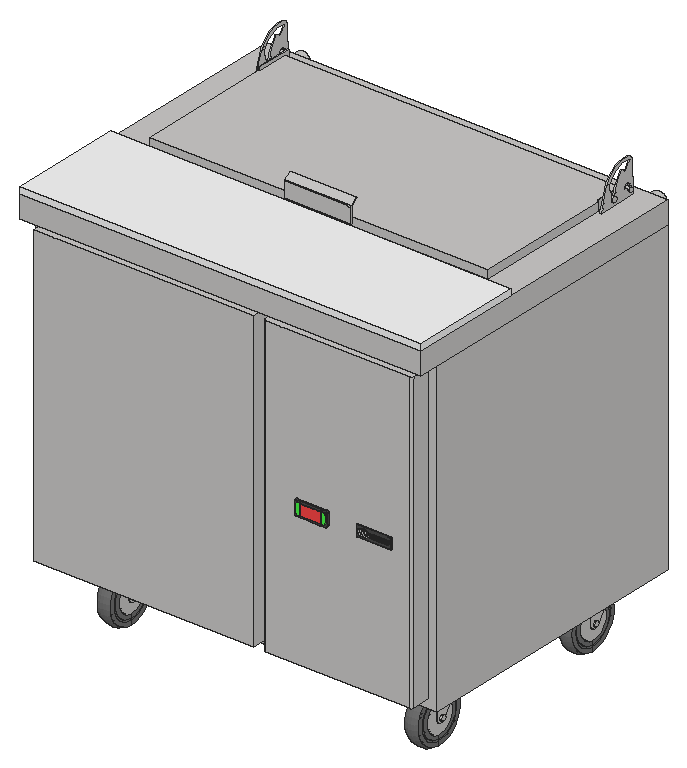
Revit family "QF_MACOM_RPTx-AITS", category Equipamento especial, Revit 2020 (continued)
Automatic sketch dimensions
  curve 22 to curve 34 = 5 mm
  curve 19 to curve 32 = 5 mm
  curve 29 to curve 31 = 5 mm
  curve 25 to curve 28 = 5 mm
  curve 33 to curve 34 = 5 mm
  curve 35 to curve 45 = 0 mm
  curve 34 to curve 47 = 0 mm
  curve 31 to curve 43 = 0 mm
  curve 30 to curve 42 = 0 mm
  curve 27 to curve 37 = 0 mm
  curve 26 to curve 39 = 0 mm
  curve 26 to curve 37 = 5 mm
  curve 35 to curve 48 = 5 mm
  curve 30 to curve 41 = 5 mm
  curve 41 to curve 43 = 5 mm
  curve 37 to curve 40 = 5 mm
  curve 45 to curve 46 = 5 mm
  curve 57 to Extrusion 2 = 28 mm
  curve 59 to curve 69 = 0 mm
  curve 71 to curve 81 = 0 mm  (x2)
  curve 83 to curve 93 = 0 mm  (x2)
  curve 95 to curve 95 = 80 mm
  curve 57 to curve 93 = 0 mm
  curve 70 to curve 68 = 15 mm
  curve 67 to curve 77 = 0 mm  (x2)
  curve 79 to curve 89 = 0 mm
  curve 56 to curve 65 = 0 mm
  curve 79 to curve 79 = 80 mm
  curve 53 to curve 77 = 0 mm
  curve 78 to curve 91 = 0 mm
  curve 66 to curve 64 = 15 mm
  curve 90 to curve 88 = 15 mm
  curve 52 to curve 61 = 0 mm
  curve 63 to curve 73 = 0 mm  (x2)
  Extrusion 2 to curve 75 = 30 mm
  curve 74 to curve 85 = 0 mm
  curve 51 to curve 61 = 0 mm
  curve 38 to curve 49 = 175 mm
  curve 47 to curve 60 = 175 mm
  curve 53 to curve 49 = 0 mm
  curve 53 to curve 55 = 5 mm
  curve 49 to curve 52 = 5 mm
  curve 57 to curve 58 = 5 mm
  curve 50 to curve 61 = 5 mm
  curve 59 to curve 72 = 5 mm
  curve 54 to curve 65 = 5 mm
  curve 65 to curve 67 = 5 mm
  curve 61 to curve 64 = 5 mm
  curve 69 to curve 70 = 5 mm
  curve 62 to curve 73 = 5 mm
  curve 71 to curve 84 = 5 mm
  curve 66 to curve 77 = 5 mm
  curve 77 to curve 79 = 5 mm
  curve 73 to curve 76 = 5 mm
  curve 81 to curve 82 = 5 mm
  curve 74 to curve 85 = 5 mm
  curve 83 to curve 96 = 5 mm
  curve 78 to curve 89 = 5 mm
  curve 89 to curve 91 = 5 mm
  curve 85 to curve 88 = 5 mm
  curve 93 to curve 94 = 5 mm
  curve 105 to Extrusion 2 = 28 mm
  curve 107 to curve 117 = 0 mm  (x2)
  curve 119 to curve 129 = 0 mm  (x2)
  curve 131 to curve 141 = 0 mm  (x2)
  curve 143 to curve 57 = 0 mm
  curve 140 to curve 53 = 0 mm
  curve 128 to curve 137 = 0 mm
  curve 116 to curve 125 = 0 mm
  curve 104 to curve 113 = 0 mm
  curve 139 to curve 53 = 0 mm
  curve 127 to curve 137 = 0 mm
  curve 115 to curve 125 = 0 mm
  curve 103 to curve 113 = 0 mm
  curve 101 to curve 97 = 15 mm
  curve 136 to curve 49 = 0 mm
  curve 99 to curve 109 = 0 mm  (x2)
  curve 124 to curve 133 = 0 mm
  curve 121 to curve 49 = 0 mm
  curve 111 to curve 121 = 0 mm
  curve 122 to curve 133 = 0 mm
  curve 97 to curve 49 = 40 mm
  curve 101 to curve 97 = 0 mm
  curve 105 to curve 101 = 0 mm
  curve 97 to curve 100 = 5 mm
  curve 101 to curve 103 = 5 mm
  curve 105 to curve 106 = 5 mm
  curve 107 to curve 117 = 5 mm
  curve 98 to curve 109 = 5 mm
  curve 103 to curve 116 = 5 mm
  curve 113 to curve 115 = 5 mm
  curve 109 to curve 110 = 5 mm
  curve 117 to curve 118 = 5 mm
  curve 115 to curve 128 = 5 mm
  curve 118 to curve 129 = 5 mm
  curve 111 to curve 121 = 5 mm
  curve 129 to curve 132 = 5 mm
  curve 121 to curve 122 = 5 mm
  curve 125 to curve 126 = 5 mm
  curve 122 to curve 133 = 5 mm
  curve 126 to curve 138 = 5 mm
  curve 130 to curve 142 = 5 mm
  curve 140 to curve 53 = 5 mm
  curve 142 to curve 57 = 5 mm
  curve 134 to curve 49 = 5 mm
  curve 153 to Extrusion 2 = 28 mm
  curve 155 to curve 165 = 0 mm  (x2)
  curve 167 to curve 177 = 0 mm  (x2)
  curve 179 to curve 189 = 0 mm  (x2)
  curve 191 to curve 105 = 0 mm
  curve 153 to curve 149 = 15 mm
  curve 151 to curve 161 = 0 mm  (x2)
  curve 163 to curve 173 = 0 mm
  curve 175 to curve 185 = 0 mm
  curve 162 to curve 101 = 0 mm
  curve 187 to curve 101 = 0 mm
  curve 162 to curve 173 = 0 mm
  curve 172 to curve 97 = 0 mm
  curve 171 to curve 181 = 0 mm
  curve 149 to curve 145 = 15 mm
  curve 147 to curve 157 = 0 mm  (x2)
  curve 159 to curve 97 = 0 mm
  curve 158 to curve 169 = 0 mm
  curve 170 to curve 181 = 0 mm
  curve 145 to curve 97 = 40 mm
  curve 154 to curve 105 = 40 mm
  curve 152 to curve 153 = 0 mm
  curve 149 to curve 151 = 5 mm
  curve 145 to curve 148 = 5 mm
  curve 153 to curve 154 = 5 mm
  curve 146 to curve 157 = 5 mm
  curve 154 to curve 166 = 5 mm
  curve 151 to curve 164 = 5 mm
  curve 161 to curve 163 = 5 mm
  curve 157 to curve 160 = 5 mm
  curve 165 to curve 166 = 5 mm
  curve 158 to curve 169 = 5 mm
  curve 166 to curve 178 = 5 mm
  curve 163 to curve 176 = 5 mm
  curve 173 to curve 175 = 5 mm
  curve 169 to curve 172 = 5 mm
  curve 177 to curve 178 = 5 mm
  curve 170 to curve 181 = 5 mm
  curve 178 to curve 190 = 5 mm
  curve 175 to curve 188 = 5 mm
  curve 187 to curve 101 = 5 mm
  curve 184 to curve 97 = 5 mm
  curve 190 to curve 105 = 5 mm
  curve 201 to Extrusion 2 = 28 mm
  curve 203 to curve 213 = 0 mm  (x2)
  curve 215 to curve 225 = 0 mm  (x2)
  curve 227 to curve 237 = 0 mm  (x2)
  curve 239 to curve 153 = 0 mm
  curve 201 to curve 197 = 15 mm
  curve 199 to curve 209 = 0 mm
  curve 211 to curve 221 = 0 mm
  curve 223 to curve 233 = 0 mm  (x2)
  curve 199 to curve 149 = 0 mm
  curve 235 to curve 149 = 0 mm
  curve 198 to curve 209 = 0 mm
  curve 221 to curve 220 = 15 mm
  curve 219 to curve 229 = 0 mm
  curve 208 to curve 217 = 0 mm
  curve 193 to curve 205 = 0 mm
  Extrusion 2 to curve 195 = 30 mm
  curve 194 to curve 205 = 0 mm
  curve 206 to curve 217 = 0 mm
  curve 218 to curve 229 = 0 mm
  curve 193 to curve 145 = 40 mm
  curve 202 to curve 153 = 40 mm
  curve 200 to curve 201 = 0 mm
  curve 197 to curve 199 = 5 mm
  curve 193 to curve 196 = 5 mm
  curve 201 to curve 202 = 5 mm
  curve 194 to curve 205 = 5 mm
  curve 202 to curve 214 = 5 mm
  curve 199 to curve 212 = 5 mm
  curve 209 to curve 211 = 5 mm
  curve 205 to curve 208 = 5 mm
  curve 213 to curve 214 = 5 mm
  curve 206 to curve 217 = 5 mm
  curve 214 to curve 226 = 5 mm
  curve 211 to curve 224 = 5 mm
  curve 221 to curve 223 = 5 mm
  curve 217 to curve 220 = 5 mm
  curve 225 to curve 226 = 5 mm
  curve 218 to curve 229 = 5 mm
  curve 226 to curve 238 = 5 mm
  curve 223 to curve 236 = 5 mm
  curve 235 to curve 149 = 5 mm
  curve 232 to curve 145 = 5 mm
  curve 238 to curve 153 = 5 mm
  curve 249 to curve 201 = 0 mm
  curve 251 to curve 261 = 0 mm  (x2)
  curve 263 to curve 201 = 0 mm
  curve 260 to curve 197 = 0 mm
  curve 248 to curve 257 = 0 mm
  curve 259 to curve 197 = 0 mm
  curve 247 to curve 257 = 0 mm
  curve 256 to curve 193 = 0 mm
  curve 244 to curve 253 = 0 mm
  curve 241 to curve 193 = 0 mm
  curve 242 to curve 253 = 0 mm
  curve 241 to curve 193 = 20 mm
  curve 245 to curve 241 = 0 mm
  curve 249 to curve 245 = 0 mm
  curve 249 to curve 252 = 5 mm
  curve 245 to curve 247 = 5 mm
  curve 241 to curve 242 = 5 mm
  curve 242 to curve 253 = 5 mm
  curve 250 to curve 262 = 5 mm
  curve 246 to curve 258 = 5 mm
  curve 260 to curve 197 = 5 mm
  curve 262 to curve 201 = 5 mm
  curve 254 to curve 193 = 5 mm
  curve 47 to curve 273 = 0 mm
  curve 275 to curve 285 = 0 mm  (x2)
  curve 287 to curve 249 = 0 mm
  curve 284 to curve 245 = 0 mm
  curve 272 to curve 281 = 0 mm
  curve 42 to curve 269 = 0 mm
  curve 270 to curve 281 = 0 mm
  curve 280 to curve 241 = 0 mm
  curve 268 to curve 277 = 0 mm
  curve 38 to curve 265 = 0 mm
  curve 266 to curve 277 = 0 mm
  curve 39 to curve 265 = 15 mm
  curve 269 to curve 265 = 0 mm
  curve 273 to curve 269 = 0 mm
  curve 273 to curve 276 = 5 mm
  curve 269 to curve 271 = 5 mm
  curve 265 to curve 266 = 5 mm
  curve 266 to curve 277 = 5 mm
  curve 274 to curve 286 = 5 mm
  curve 270 to curve 282 = 5 mm
  curve 284 to curve 245 = 5 mm
  curve 286 to curve 249 = 5 mm
  curve 278 to curve 241 = 5 mm
  curve 47 to curve 300 = 0 mm
  curve 46 to curve 297 = 0 mm
  curve 43 to curve 293 = 0 mm
  curve 295 to curve 269 = 0 mm
  curve 39 to curve 289 = 0 mm
  curve 38 to curve 289 = 0 mm
  curve 47 to curve 300 = 5 mm
  curve 39 to curve 289 = 5 mm
  curve 42 to curve 293 = 5 mm
  curve 294 to curve 269 = 5 mm
  curve 292 to curve 265 = 5 mm
  curve 298 to curve 273 = 5 mm
  curve 309 to Extrusion 2 = 28 mm
  curve 311 to curve 311 = 80 mm
  curve 309 to curve 305 = 15 mm
  curve 307 to curve 307 = 80 mm
  curve 305 to curve 301 = 15 mm
  Extrusion 2 to curve 301 = 30 mm
  Extrusion 2 to curve 301 = 59 mm
  Extrusion 2 to curve 310 = 59 mm
  curve 308 to curve 309 = 0 mm
  curve 305 to curve 307 = 5 mm
  curve 301 to curve 304 = 5 mm
  curve 309 to curve 310 = 5 mm
  curve 324 to curve 309 = 0 mm
  curve 321 to curve 309 = 0 mm
  curve 317 to curve 305 = 0 mm
  curve 319 to curve 305 = 0 mm
  curve 313 to curve 301 = 0 mm  (x2)
  curve 313 to curve 301 = 10 mm
  curve 324 to curve 309 = 10 mm
  curve 317 to curve 305 = 10 mm
  curve 319 to curve 305 = 5 mm
  curve 322 to curve 309 = 5 mm
  curve 316 to curve 301 = 5 mm
  curve 333 to curve 321 = 0 mm
  curve 335 to curve 321 = 0 mm
  curve 329 to curve 317 = 0 mm
  curve 331 to curve 317 = 0 mm
  curve 325 to curve 313 = 0 mm  (x2)
  curve 325 to curve 313 = 10 mm
  curve 336 to curve 321 = 10 mm
  curve 329 to curve 317 = 10 mm
  curve 331 to curve 317 = 5 mm
  curve 334 to curve 321 = 5 mm
  curve 328 to curve 313 = 5 mm
  curve 348 to curve 333 = 0 mm
  curve 345 to curve 333 = 0 mm
  curve 341 to curve 329 = 0 mm
  curve 343 to curve 329 = 0 mm
  curve 337 to curve 325 = 0 mm  (x2)
  curve 348 to curve 333 = 10 mm
  curve 337 to curve 325 = 10 mm
  curve 341 to curve 329 = 10 mm
  curve 342 to curve 329 = 5 mm
  curve 340 to curve 325 = 5 mm
  curve 346 to curve 333 = 5 mm
  curve 357 to curve 345 = 0 mm
  curve 359 to curve 345 = 0 mm
  curve 356 to curve 341 = 0 mm
  curve 353 to curve 341 = 0 mm
  curve 352 to curve 337 = 0 mm
  curve 349 to curve 337 = 0 mm
  curve 360 to curve 345 = 10 mm
  curve 349 to curve 337 = 10 mm
  curve 353 to curve 341 = 10 mm
  curve 354 to curve 341 = 5 mm
  curve 352 to curve 337 = 5 mm
  curve 358 to curve 345 = 5 mm
  curve 372 to curve 357 = 0 mm
  curve 369 to curve 357 = 0 mm
  curve 365 to curve 353 = 0 mm
  curve 367 to curve 353 = 0 mm
  curve 361 to curve 349 = 0 mm  (x2)
  curve 372 to curve 357 = 10 mm
  curve 361 to curve 349 = 10 mm
  curve 365 to curve 353 = 10 mm
  curve 366 to curve 353 = 5 mm
  curve 364 to curve 349 = 5 mm
  curve 370 to curve 357 = 5 mm
  curve 381 to curve 369 = 0 mm
  curve 383 to curve 369 = 0 mm
  curve 377 to curve 365 = 0 mm
  curve 379 to curve 365 = 0 mm
  curve 373 to curve 361 = 0 mm  (x2)
  curve 384 to curve 369 = 10 mm
  curve 373 to curve 361 = 10 mm
  curve 377 to curve 365 = 10 mm
  curve 379 to curve 365 = 5 mm
  curve 376 to curve 361 = 5 mm
  curve 382 to curve 369 = 5 mm
  curve 396 to curve 381 = 0 mm
  curve 393 to curve 381 = 0 mm
  curve 389 to curve 377 = 0 mm
  curve 391 to curve 377 = 0 mm
  curve 385 to curve 373 = 0 mm  (x2)
  curve 396 to curve 381 = 10 mm
  curve 385 to curve 373 = 10 mm
  curve 389 to curve 377 = 10 mm
  curve 390 to curve 377 = 5 mm
  curve 388 to curve 373 = 5 mm
  curve 394 to curve 381 = 5 mm
  curve 405 to curve 393 = 0 mm
  curve 407 to curve 393 = 0 mm
  curve 404 to curve 389 = 0 mm
  curve 403 to curve 389 = 0 mm
  curve 400 to curve 385 = 0 mm
  curve 397 to curve 385 = 0 mm
  curve 408 to curve 393 = 10 mm
  curve 397 to curve 385 = 10 mm
  curve 401 to curve 389 = 10 mm
  curve 402 to curve 389 = 5 mm
  curve 400 to curve 385 = 5 mm
  curve 406 to curve 393 = 5 mm
  curve 420 to curve 405 = 0 mm
  curve 417 to curve 405 = 0 mm
  curve 413 to curve 401 = 0 mm
  curve 415 to curve 401 = 0 mm
  curve 409 to curve 397 = 0 mm  (x2)
  curve 420 to curve 405 = 10 mm
  curve 409 to curve 397 = 10 mm
  curve 413 to curve 401 = 10 mm
  curve 414 to curve 401 = 5 mm
  curve 412 to curve 397 = 5 mm
  curve 418 to curve 405 = 5 mm
  curve 429 to curve 417 = 0 mm
  curve 431 to curve 417 = 0 mm
  curve 428 to curve 413 = 0 mm
  curve 427 to curve 413 = 0 mm
  curve 421 to curve 409 = 0 mm  (x2)
  curve 432 to curve 417 = 10 mm
  curve 421 to curve 409 = 10 mm
  curve 425 to curve 413 = 10 mm
  curve 426 to curve 413 = 5 mm
  curve 424 to curve 409 = 5 mm
  curve 430 to curve 417 = 5 mm
  curve 444 to curve 429 = 0 mm
  curve 441 to curve 429 = 0 mm
  curve 437 to curve 425 = 0 mm
  curve 439 to curve 425 = 0 mm
  curve 433 to curve 421 = 0 mm  (x2)
  curve 444 to curve 429 = 10 mm
  curve 433 to curve 421 = 10 mm
  curve 437 to curve 425 = 10 mm
  curve 438 to curve 425 = 5 mm
  curve 436 to curve 421 = 5 mm
  curve 442 to curve 429 = 5 mm
  curve 453 to curve 441 = 0 mm
  curve 455 to curve 441 = 0 mm
  curve 449 to curve 437 = 0 mm
  curve 451 to curve 437 = 0 mm
  curve 445 to curve 433 = 0 mm  (x2)
  curve 456 to curve 441 = 10 mm
  curve 445 to curve 433 = 10 mm
  curve 449 to curve 437 = 10 mm
  curve 451 to curve 437 = 5 mm
  curve 456 to curve 441 = 5 mm
  curve 448 to curve 433 = 5 mm
  curve 468 to curve 453 = 0 mm
  curve 465 to curve 453 = 0 mm
  curve 461 to curve 449 = 0 mm
  curve 463 to curve 449 = 0 mm
  curve 457 to curve 445 = 0 mm  (x2)
  curve 468 to curve 453 = 10 mm
  curve 457 to curve 445 = 10 mm
  curve 461 to curve 449 = 10 mm
  curve 462 to curve 449 = 5 mm
  curve 460 to curve 445 = 5 mm
  curve 466 to curve 453 = 5 mm
  curve 477 to curve 465 = 0 mm
  curve 479 to curve 465 = 0 mm
  curve 473 to curve 461 = 0 mm
  curve 475 to curve 461 = 0 mm
  curve 469 to curve 457 = 0 mm  (x2)
  curve 474 to curve 461 = 10 mm
  curve 480 to curve 465 = 10 mm
  curve 469 to curve 457 = 10 mm
  curve 475 to curve 461 = 5 mm
  curve 472 to curve 457 = 5 mm
  curve 478 to curve 465 = 5 mm
  curve 492 to curve 477 = 0 mm
  curve 489 to curve 477 = 0 mm
  curve 485 to curve 473 = 0 mm
  curve 487 to curve 473 = 0 mm
  curve 481 to curve 469 = 0 mm  (x2)
  curve 492 to curve 477 = 10 mm
  curve 481 to curve 469 = 10 mm
  curve 485 to curve 473 = 10 mm
  curve 486 to curve 473 = 5 mm
  curve 484 to curve 469 = 5 mm
  curve 490 to curve 477 = 5 mm
  curve 501 to curve 489 = 0 mm
  curve 503 to curve 489 = 0 mm
  curve 500 to curve 485 = 0 mm
  curve 497 to curve 485 = 0 mm
  curve 496 to curve 481 = 0 mm
  curve 493 to curve 481 = 0 mm
  curve 504 to curve 489 = 10 mm
  curve 493 to curve 481 = 10 mm
  curve 497 to curve 485 = 10 mm
  curve 499 to curve 485 = 5 mm
  curve 504 to curve 489 = 5 mm
  curve 496 to curve 481 = 5 mm
  curve 516 to curve 501 = 0 mm
  curve 513 to curve 501 = 0 mm
  curve 509 to curve 497 = 0 mm
  curve 511 to curve 497 = 0 mm
  curve 505 to curve 493 = 0 mm  (x2)
  curve 516 to curve 501 = 10 mm
  curve 505 to curve 493 = 10 mm
  curve 509 to curve 497 = 10 mm
  curve 510 to curve 497 = 5 mm
  curve 508 to curve 493 = 5 mm
  curve 514 to curve 501 = 5 mm
  curve 525 to curve 513 = 0 mm
  curve 527 to curve 513 = 0 mm
  curve 521 to curve 509 = 0 mm
  curve 523 to curve 509 = 0 mm
  curve 517 to curve 505 = 0 mm  (x2)
  curve 528 to curve 513 = 10 mm
  curve 517 to curve 505 = 10 mm
  curve 521 to curve 509 = 10 mm
  curve 522 to curve 509 = 5 mm
  curve 520 to curve 505 = 5 mm
  curve 526 to curve 513 = 5 mm
  curve 540 to curve 525 = 0 mm
  curve 537 to curve 525 = 0 mm
  curve 533 to curve 521 = 0 mm
  curve 535 to curve 521 = 0 mm
  curve 529 to curve 517 = 0 mm  (x2)
  curve 540 to curve 525 = 10 mm
  curve 529 to curve 517 = 10 mm
  curve 533 to curve 521 = 10 mm
  curve 535 to curve 521 = 5 mm
  curve 532 to curve 517 = 5 mm
  curve 538 to curve 525 = 5 mm
  curve 549 to curve 537 = 0 mm
  curve 551 to curve 537 = 0 mm
  curve 548 to curve 533 = 0 mm
  curve 547 to curve 533 = 0 mm
  curve 544 to curve 529 = 0 mm
  curve 541 to curve 529 = 0 mm
  curve 552 to curve 537 = 10 mm
  curve 541 to curve 529 = 10 mm
  curve 545 to curve 533 = 10 mm
  curve 546 to curve 533 = 5 mm
  curve 544 to curve 529 = 5 mm
  curve 550 to curve 537 = 5 mm
  Extrusion 2 sketch curve to Extrusion 2 sketch curve = 40 mm
  plane 17 to Extrusion 2 sketch curve = 0 mm
  plane 24 to Extrusion 4 sketch curve = 0 mm
  Extrusion 4 sketch curve to Extrusion 4 sketch curve = 0 mm
  Extrusion 3 sketch curve to Extrusion 1 = 0 mm
  Extrusion 1 to Extrusion 3 sketch curve = 0 mm
  Extrusion 1 to Extrusion 3 sketch curve = 45 mm
  Extrusion 3 sketch curve to Extrusion 3 sketch curve = 50 mm
  plane 28 to Extrusion 6 sketch curve = 0 mm
  plane 19 to Extrusion 6 sketch curve = 19.563 mm
  Extrusion 6 sketch curve to plane 30 = 499.084 mm
  plane 20 to Revolve 8 sketch curve = 0 mm  (x2)
  plane 1 "Centro (Frontal/Traseira)" to Revolve 8 sketch curve = 0 mm  (x2)
  Revolve 8 sketch curve to Revolve 8 sketch curve = 8 mm
  Revolve 8 sketch curve to plane 20 = 1.5 mm
  Revolve 8 sketch curve to Revolve 8 sketch curve = 9.037 mm
  plane 20 to Revolve 9 sketch curve = 0 mm  (x2)
  plane 1 "Centro (Frontal/Traseira)" to Revolve 9 sketch curve = 0 mm  (x2)
  Revolve 9 sketch curve to Revolve 9 sketch curve = 8 mm
  Revolve 9 sketch curve to plane 20 = 1.5 mm
  Revolve 9 sketch curve to Revolve 9 sketch curve = 9.037 mm
  plane 1 "Centro (Frontal/Traseira)" to curve 641 = 0 mm
  plane 20 to curve 637 = 0 mm
  plane 1 "Centro (Frontal/Traseira)" to curve 646 = 0 mm
  curve 553 to plane 12 = 0 mm
  plane 13 to curve 636 = 0 mm
  plane 28 to curve 633 = 0 mm
  plane 14 to curve 641 = 2.363 mm
  curve 621 to curve 614 = 7.884 mm
  curve 622 to curve 612 = 4.884 mm
  curve 628 to curve 611 = 3 mm
  curve 612 to curve 613 = 3 mm
  curve 611 to curve 639 = 2.655 mm
  curve 573 to curve 557 = 3 mm
  curve 558 to curve 559 = 3 mm
  curve 590 to curve 579 = 3 mm
  curve 580 to curve 581 = 3 mm
  curve 645 to curve 598 = 5.637 mm
  curve 609 to curve 598 = 3 mm
  curve 597 to curve 597 = 3 mm
  curve 587 to plane 7 = 15.695 mm
  curve 623 to plane 7 = 15.733 mm
  curve 623 to curve 623 = 9.925 mm
  curve 587 to curve 586 = 10.001 mm
  curve 602 to curve 602 = 9.963 mm
  curve 569 to curve 568 = 10 mm
  curve 629 to curve 575 = 14.776 mm
  curve 635 to curve 563 = 4.563 mm
  plane 19 to curve 585 = 14.967 mm
  plane 19 to curve 620 = 14.937 mm
  plane 19 to curve 619 = 7.033 mm
  plane 19 to curve 561 = 7.004 mm
  plane 19 to curve 604 = 7.004 mm
  plane 19 to curve 584 = 7.004 mm
  curve 639 to curve 637 = 9.037 mm
  curve 638 to curve 639 = 9.037 mm
  curve 622 to curve 625 = 4.884 mm
  curve 625 to curve 627 = 3 mm
  curve 619 to curve 615 = 0 mm
  curve 627 to curve 622 = 4.117 mm
  curve 626 to curve 624 = 4.117 mm
  curve 627 to curve 621 = 4.117 mm
  curve 563 to curve 572 = 4.1 mm
  curve 572 to curve 574 = 3 mm
  curve 584 to curve 592 = 4.884 mm
  curve 592 to curve 589 = 3 mm
  curve 601 to curve 607 = 4.1 mm
  curve 607 to curve 610 = 3 mm
  curve 645 to curve 643 = 9.037 mm
  curve 643 to curve 644 = 16 mm
  curve 644 to curve 648 = 9.037 mm
  curve 626 to curve 612 = 0.401 mm
  Extrusion 7 sketch curve to Extrusion 7 sketch curve = 15 mm
  radius of Extrusion 10 sketch curve = 9.525 mm
Nested families
  nested 1: "RODIZIORPT" at (104, -139, 37.145), type "RODIZIO"
  nested 2: "RODIZIORPT" at (104, -574, 37.145), type "RODIZIO"
  nested 3: "RODIZIORPT" at (802, -139, 37.145), type "RODIZIO"
  nested 4: "RODIZIORPT" at (802, -574, 37.145), type "RODIZIO"
  nested 5: "LOGOTIPO MACOM" at (803.5, -739, 482.038), visible <- "Show Logo", type "LOGOTIPO MACON", detail levels medium+fine
  nested 6: "CONTROLADOR_CAB" at (663.5, -739, 495), type "CONTROLADOR_CAB", detail levels medium+fine
  nested 7: "Porta Refrigerador Prep Table" at (30.6, -694, 175.1), Show Clearances <- "Show Clearances", type "Porta Refrigerador Prep Table"
    with Weight 0.00 kg, Show Logo yes, Show Clearances Right no, Show Clearances Left yes, Show Clearances yes, SMACNA No "", Right no, Revision Code "", Point Load 0, NAFEM Spec ID Number "", Masterspec "", Length Actual 0 mm, Left yes, Item Number "", Identify Quantity as Lot yes, Height Actual 0 mm, Foodservice Equipment Identifier yes, Depth Actual 0 mm, CSI MasterFormat "", CE Approved yes, Accessory yes
  nested 8: "Porta Refrigerador Prep Table" at (30.6, -694, 175.1), Show Clearances <- "Show Clearances", visible <- "Door 3", type "Porta Refrigerador Prep Table"
    with Weight 0.00 kg, Show Logo yes, Show Clearances Right no, Show Clearances Left yes, Show Clearances yes, SMACNA No "", Right no, Revision Code "", Point Load 0, NAFEM Spec ID Number "", Masterspec "", Length Actual 0 mm, Left yes, Item Number "", Identify Quantity as Lot yes, Height Actual 0 mm, Foodservice Equipment Identifier yes, Depth Actual 0 mm, CSI MasterFormat "", CE Approved yes, Accessory yes
  nested 9: "Porta Refrigerador Prep Table" at (30.5, -694, 175.1), Show Clearances <- "Show Clearances", visible <- "Door 2", type "Porta Refrigerador Prep Table"
    with Weight 0.00 kg, Show Logo yes, Show Clearances Right yes, Show Clearances Left no, Show Clearances yes, SMACNA No "", Right yes, Revision Code "", Point Load 0, NAFEM Spec ID Number "", Masterspec "", Length Actual 0 mm, Left no, Item Number "", Identify Quantity as Lot yes, Height Actual 0 mm, Foodservice Equipment Identifier yes, Depth Actual 0 mm, CSI MasterFormat "", CE Approved yes, Accessory yes
  nested 10: "Dobradica Refrigerador Dir" at (456.5, -64.787, 1), visible <- "Door 3", type "Dobradica Refrigerador Dir"
    with Weight 0.00 kg, Show Logo yes, Show Clearances yes, SMACNA No "", Revision Code "", Point Load 0, NAFEM Spec ID Number "", Masterspec "", Length Actual 0 mm, Item Number "", Identify Quantity as Lot yes, Height Actual 0 mm, Foodservice Equipment Identifier yes, Depth Actual 0 mm, CSI MasterFormat "", CE Approved yes, Accessory yes
  nested 11: "Dobradica Refrigerador Dir" at (839.5, -64.787, 1), type "Dobradica Refrigerador Dir"
    with Weight 0.00 kg, Show Logo yes, Show Clearances yes, SMACNA No "", Revision Code "", Point Load 0, NAFEM Spec ID Number "", Masterspec "", Length Actual 0 mm, Item Number "", Identify Quantity as Lot yes, Height Actual 0 mm, Foodservice Equipment Identifier yes, Depth Actual 0 mm, CSI MasterFormat "", CE Approved yes, Accessory yes
  nested 12: "Dobradica Refrigerador Esq" at (68, -64.787, 1), visible <- "Door 3", type "Dobradica Refrigerador Esq"
    with Weight 0.00 kg, Show Logo yes, Show Clearances yes, SMACNA No "", Revision Code "", Point Load 0, NAFEM Spec ID Number "", Masterspec "", Length Actual 0 mm, Item Number "", Identify Quantity as Lot yes, Height Actual 0 mm, Foodservice Equipment Identifier yes, Depth Actual 0 mm, CSI MasterFormat "", CE Approved yes, Accessory yes
  nested 13: "Dobradica Refrigerador Esq" at (71, -64.787, 1), type "Dobradica Refrigerador Esq"
    with Weight 0.00 kg, Show Logo yes, Show Clearances yes, SMACNA No "", Revision Code "", Point Load 0, NAFEM Spec ID Number "", Masterspec "", Length Actual 0 mm, Item Number "", Identify Quantity as Lot yes, Height Actual 0 mm, Foodservice Equipment Identifier yes, Depth Actual 0 mm, CSI MasterFormat "", CE Approved yes, Accessory yes
  nested 14: "Pegador Refrigerador" at (451, -462.25, 912), visible <- "Door 3", type "Pegador Refrigerador"
    with Weight 0.00 kg, Show Logo yes, Show Clearances yes, SMACNA No "", Revision Code "", Point Load 0, NAFEM Spec ID Number "", Masterspec "", Length Actual 0 mm, Item Number "", Identify Quantity as Lot yes, Height Actual 0 mm, Foodservice Equipment Identifier yes, Depth Actual 0 mm, CSI MasterFormat "", CE Approved yes, Accessory yes
  nested 15: "Pegador Refrigerador" at (540, -462.25, 912), visible <- "Door 3", type "Pegador Refrigerador"
    with Weight 0.00 kg, Show Logo yes, Show Clearances yes, SMACNA No "", Revision Code "", Point Load 0, NAFEM Spec ID Number "", Masterspec "", Length Actual 0 mm, Item Number "", Identify Quantity as Lot yes, Height Actual 0 mm, Foodservice Equipment Identifier yes, Depth Actual 0 mm, CSI MasterFormat "", CE Approved yes, Accessory yes
  nested 16: "Pegador Refrigerador" at (454, -462.25, 912), visible <- "Handle Center", type "Pegador Refrigerador"
    with Weight 0.00 kg, Show Logo yes, Show Clearances yes, SMACNA No "", Revision Code "", Point Load 0, NAFEM Spec ID Number "", Masterspec "", Length Actual 0 mm, Item Number "", Identify Quantity as Lot yes, Height Actual 0 mm, Foodservice Equipment Identifier yes, Depth Actual 0 mm, CSI MasterFormat "", CE Approved yes, Accessory yes
Connectors
  electrical at (580, -32.6, 460), driven by "Volts"
    settings: on Extrusion 10, index 1, voltage 220 V, apparent load 0 VA, apparent load phase1 0 VA, apparent load phase2 0 VA, apparent load phase3 0 VA, power factor 1, load classification "Outro", number of poles 1, system type 30, power factor state 1, is connector primary yes, connector utility no, sub classification motor no, connector description ""
Definition of nested family "RODIZIORPT"
  Parameters (values of type "RODIZIO")
    Default Elevation = 0 mm
  Types (2): name
    RODIZIO
    PÉ DE APOIO 150
  Reference planes
    plane 1 "Center (Front/Back)": y = 0
    plane 2: z = 0
    plane 3: x = 19.5
    plane 4: x = 1
    plane 5: x = 21
    plane 6: z = -37.145
    plane 7: z = 119.855
    plane 8: z = 59.855
    plane 9: z = 87.855
  Forms (mm)
    Revolve 1, solid
      sketch origin (0, 0, 0) x (1, 0, 0) y (0, 0, 1)
        loop
          line (16.5, 25.355) -> (16.5, 70.289) -> (15.5, 70.289) -> (15.5, 75.289) -> (16.5, 75.289) -> (16.5, 84.092)
          arc (16.5, 84.092) -> (0.897, 87.855) -> (-14.5, 83.325) r 31.054
          line (-14.5, 83.325) -> (-14.5, 75.289) -> (-13.5, 75.289) -> (-13.5, 70.289) -> (-14.5, 70.289) -> (-14.5, 25.355) -> (16.5, 25.355)
        axis (-14.5, 25.355) -> (16.5, 25.355)
      angle from 0 to 360
    Extrusion 2, solid
      sketch origin (0, 0, 25.355) x (0, 1, 0) y (0, 0, 1)
        loop
          circle (0, 0) r 10
      from 16.5 to 19.5
    Extrusion 3, solid
      sketch origin (2, 0, 25.355) x (0, 1, 0) y (0, 0, -1)
        loop
          circle (0, 0) r 10
      from 16.5 to 19.5
    Extrusion 4, solid
      sketch origin (0, 0, 51.455) x (0, 1, 0) y (0, 0, 1)
        loop
          arc (-10, -29.178) -> (-1.862, -36.717) -> (8.419, -32.55) r 10.341
          line (8.419, -32.55) -> (65, 46.773) -> (-10, 46.773) -> (-10, -29.178)
      from 19.5 to 21
    Extrusion 5, solid
      sketch origin (2, 0, 51.455) x (0, 1, 0) y (0, 0, -1)
        loop
          line (-10, 29.178) -> (-10, -46.773) -> (65, -46.773) -> (8.419, 32.55)
          arc (8.419, 32.55) -> (-1.862, 36.717) -> (-10, 29.178) r 10.341
      from 19.5 to 21
    Extrusion 6, solid
      sketch origin (0, -28, 50) x (1, 0, 0) y (0, 1, 0)
        loop
          circle (1, 46.186) r 75
      from 59.855 to 69.855
    Extrusion 7, solid
      sketch origin (0.148, 0, 25.355) x (0, 1, 0) y (0, 0, 1)
        loop
          line (-3, -5.196) -> (3, -5.196) -> (6, 0) -> (3, 5.196) -> (-3, 5.196) -> (-6, 0) -> (-3, -5.196)
      from 20.852 to 25.852
    Extrusion 8, solid
      sketch origin (1.852, 0, 25.355) x (0, 1, 0) y (0, 0, -1)
        loop
          line (-3, 5.196) -> (-6, 0) -> (-3, -5.196) -> (3, -5.196) -> (6, 0) -> (3, 5.196) -> (-3, 5.196)
      from 20.852 to 25.852
    Extrusion 9, solid
      sketch origin (0, 0, 50) x (1, 0, 0) y (0, 1, 0)
        loop
          circle (1, 18.186) r 55
      from 48.227 to 59.855
    Extrusion 10, solid
      sketch origin (0, 0, 25.355) x (0, 1, 0) y (0, 0, 1)
        loop
          circle (0, 0) r 35
      from 16.5 to 17.626
    Extrusion 11, solid
      sketch origin (2, 0, 25.355) x (0, 1, 0) y (0, 0, -1)
        loop
          circle (0, 0) r 35
      from 16.5 to 17.626
  Cuts and joins
    joined: Extrusion 2, Extrusion 3, Extrusion 4, Extrusion 5, Extrusion 6, Extrusion 7, Extrusion 8, Extrusion 9, Extrusion 10, Extrusion 11
  Dimensions and locks
    plane 7 to plane 6 = 157 mm
    Revolve 1 sketch curve to plane 6 = 62.5 mm
    plane 9 to plane 6 = 125 mm
    aligned and locked: level to plane 2
    aligned and locked: Revolve 1 sketch curve to Revolve 1 sketch curve
    aligned and locked: plane 7 to Extrusion 6
Definition of nested family "LOGOTIPO MACOM"
  Parameters (values of type "LOGOTIPO MACOM")
    Default Elevation = 0 mm
  Reference planes
    plane 1 "Centro (Frente/Trás)": y = 0
    plane 2: z = 0
    plane 3 "Centro (Esquerda/Direita)": x = 0
    plane 4: z = 9.186
    plane 5: z = 16.297
    plane 6: z = 12.742
    plane 7: x = -24.005
  Forms (mm)
    Extrusion 1, solid
      sketch origin (0, 4.488, 0.011) x (1, 0, 0) y (0, 0.000061, 1)
        loop
          arc (-37.5, 25.9) -> (-39.268, 25.168) -> (-40, 23.4) r 2.5
          line (-40, 23.4) -> (-40, 2.5)
          arc (-40, 2.5) -> (-39.268, 0.732) -> (-37.5, 0) r 2.5
          line (-37.5, 0) -> (37.5, 0)
          arc (37.5, 0) -> (39.268, 0.732) -> (40, 2.5) r 2.5
          line (40, 2.5) -> (40, 23.4)
          arc (40, 23.4) -> (39.268, 25.168) -> (37.5, 25.9) r 2.5
          line (37.5, 25.9) -> (-37.5, 25.9)
      from 5.474 to 4.489
    Extrusion 2, solid
      sketch origin (0, 4.488, 0.011) x (1, 0, 0) y (0, 0.000061, 1)
        loop
          arc (-39, 3.5) -> (-38.268, 1.732) -> (-36.5, 1) r 2.5
          line (-36.5, 1) -> (36.5, 1)
          arc (36.5, 1) -> (38.268, 1.732) -> (39, 3.5) r 2.5
          line (39, 3.5) -> (39, 22.668)
          arc (39, 22.668) -> (38.268, 24.436) -> (36.5, 25.168) r 2.5
          line (36.5, 25.168) -> (-36.5, 25.168)
          arc (-36.5, 25.168) -> (-38.268, 24.436) -> (-39, 22.668) r 2.5
          line (-39, 22.668) -> (-39, 3.5)
      from 5.474 to 6.289
    Extrusion 3, solid
      sketch origin (24.652, 4.488, 0.011) x (-1, 0, 0) y (0, -0.000061, -1)
        loop
          line (32.653, -17.092) -> (32.653, -8.35) -> (30.809, -8.35) -> (30.809, -14.038)
          arc (30.809, -14.038) -> (30.194, -14.653) -> (29.579, -14.038) r 0.615
          line (29.579, -14.038) -> (29.579, -8.35) -> (27.735, -8.35) -> (27.735, -14.038)
          arc (27.735, -14.038) -> (27.12, -14.653) -> (26.506, -14.038) r 0.615
          line (26.506, -14.038) -> (26.506, -8.35) -> (24.661, -8.35) -> (24.661, -15.193)
          arc (24.661, -15.193) -> (25.218, -16.536) -> (26.561, -17.092) r 1.899
          line (26.561, -17.092) -> (32.653, -17.092)
        loop
          line (23.432, -8.347) -> (21.476, -8.347) -> (21.476, -10.838) -> (19.632, -10.838) -> (19.632, -8.347) -> (17.9, -8.347) -> (17.9, -15.248)
          arc (17.9, -15.248) -> (18.44, -16.552) -> (19.744, -17.092) r 1.844
          line (19.744, -17.092) -> (23.432, -17.092) -> (23.432, -8.347)
        loop
          line (19.744, -12.773) -> (19.744, -14.314)
          arc (19.744, -14.314) -> (19.926, -14.753) -> (20.365, -14.935) r 0.621
          line (20.365, -14.935) -> (21.588, -14.935) -> (21.588, -12.773) -> (19.744, -12.773)
        loop
          line (-1.629, -17.092) -> (-1.629, -8.35) -> (-3.474, -8.35) -> (-3.474, -14.038)
          arc (-3.474, -14.038) -> (-4.088, -14.653) -> (-4.703, -14.038) r 0.615
          line (-4.703, -14.038) -> (-4.703, -8.35) -> (-6.547, -8.35) -> (-6.547, -14.038)
          arc (-6.547, -14.038) -> (-7.162, -14.653) -> (-7.777, -14.038) r 0.615
          line (-7.777, -14.038) -> (-7.777, -8.35) -> (-9.621, -8.35) -> (-9.621, -15.193)
          arc (-9.621, -15.193) -> (-9.064, -16.536) -> (-7.721, -17.092) r 1.899
          line (-7.721, -17.092) -> (-1.629, -17.092)
        loop
          line (9.587, -17.092) -> (12.299, -17.092)
          arc (12.299, -17.092) -> (16.67, -12.721) -> (12.299, -8.35) r 4.371
          line (12.299, -8.35) -> (9.754, -8.35) -> (9.754, -10.194) -> (12.276, -10.194)
          arc (12.276, -10.194) -> (14.804, -12.721) -> (12.276, -15.248) r 2.527
          line (12.276, -15.248) -> (9.587, -15.248) -> (9.587, -17.092)
        loop
          line (56.832, -8.05) -> (55.056, -18.123)
          spline (55.056, -18.123) -> (56.262, -17.518) -> (57.317, -16.815) -> (58.199, -16.029) -> (58.892, -15.175) -> (59.381, -14.269) -> (59.658, -13.331) -> (59.715, -12.378) -> (59.552, -11.43) -> (59.173, -10.505) -> (58.585, -9.622) -> (57.799, -8.798) -> (56.832, -8.05)
        loop
          spline (53.362, -6.487) -> (53.217, -6.446) -> (53.071, -6.406) -> (52.923, -6.368) -> (52.775, -6.331) -> (52.626, -6.295) -> (52.476, -6.26) -> (52.326, -6.227) -> (52.174, -6.195) -> (52.022, -6.165) -> (51.869, -6.136) -> (51.715, -6.108) -> (51.561, -6.082)
          line (51.561, -6.082) -> (49.643, -16.962)
          arc (49.643, -16.962) -> (50.579, -17.898) -> (51.515, -16.962) r 0.936
          line (51.515, -16.962) -> (53.362, -6.487)
        loop
          spline (48.156, -5.852) -> (48, -5.857) -> (47.843, -5.863) -> (47.687, -5.871) -> (47.531, -5.88) -> (47.375, -5.89) -> (47.22, -5.902) -> (47.065, -5.915) -> (46.91, -5.929) -> (46.755, -5.945) -> (46.601, -5.962) -> (46.447, -5.981) -> (46.294, -6.001)
          line (46.294, -6.001) -> (44.358, -16.978)
          arc (44.358, -16.978) -> (45.276, -17.896) -> (46.195, -16.978) r 0.918
          line (46.195, -16.978) -> (48.156, -5.852)
        loop
          spline (42.364, -7.044) -> (41.131, -7.649) -> (40.051, -8.356) -> (39.147, -9.149) -> (38.437, -10.014) -> (37.937, -10.931) -> (37.655, -11.882) -> (37.599, -12.848) -> (37.768, -13.809) -> (38.16, -14.746) -> (38.767, -15.639) -> (39.575, -16.47) -> (40.57, -17.222)
          line (40.57, -17.222) -> (42.364, -7.044)
        loop
          spline (61.565, -12.773) -> (61.125, -10.691) -> (59.836, -8.75) -> (57.784, -7.084) -> (55.111, -5.806) -> (51.997, -5.002) -> (48.656, -4.728) -> (45.315, -5.002) -> (42.202, -5.806) -> (39.528, -7.084) -> (37.477, -8.75) -> (36.187, -10.691) -> (35.747, -12.773)
          spline (35.747, -12.773) -> (36.187, -14.855) -> (37.477, -16.795) -> (39.528, -18.461) -> (42.202, -19.74) -> (45.315, -20.544) -> (48.656, -20.818) -> (51.997, -20.544) -> (55.111, -19.74) -> (57.784, -18.461) -> (59.836, -16.795) -> (61.125, -14.855) -> (61.565, -12.773)
        loop
          circle (3.963, -12.726) r 4.377
        loop
          circle (3.963, -12.726) r 2.582
      from 6.289 to 6.977
  Dimensions and locks
    equal spacing: plane 5, plane 6, plane 4
    aligned and locked: level to plane 2
Definition of nested family "CONTROLADOR_CAB"
  Parameters (values of type "CONTROLADOR_CAB")
    Default Elevation = 0 mm
  Reference planes
    plane 1 "Center (Front/Back)": y = 0
    plane 2: z = 0
    plane 3 "Center (Left/Right)": x = 0
  Forms (mm)
    Extrusion 1, solid
      sketch origin (0, 0, 0) x (1, 0, 0) y (0, 0, 1)
        loop
          line (37.5, -12.5) -> (37.5, 12.5)
          arc (37.5, 12.5) -> (36.328, 15.328) -> (33.5, 16.5) r 4
          line (33.5, 16.5) -> (-33.5, 16.5)
          arc (-33.5, 16.5) -> (-36.328, 15.328) -> (-37.5, 12.5) r 4
          line (-37.5, 12.5) -> (-37.5, -12.5)
          arc (-37.5, -12.5) -> (-36.328, -15.328) -> (-33.5, -16.5) r 4
          line (-33.5, -16.5) -> (33.5, -16.5)
          arc (33.5, -16.5) -> (36.328, -15.328) -> (37.5, -12.5) r 4
      from 0 to 5
    Extrusion 2, solid
      sketch origin (0, 0, 0) x (1, 0, 0) y (0, 0, 1)
        loop
          line (24, -13.5) -> (24, 13.5)
          arc (24, 13.5) -> (23.121, 15.621) -> (21, 16.5) r 3
          line (21, 16.5) -> (-21, 16.5)
          arc (-21, 16.5) -> (-23.121, 15.621) -> (-24, 13.5) r 3
          line (-24, 13.5) -> (-24, -13.5)
          arc (-24, -13.5) -> (-23.121, -15.621) -> (-21, -16.5) r 3
          line (-21, -16.5) -> (21, -16.5)
          arc (21, -16.5) -> (23.121, -15.621) -> (24, -13.5) r 3
      from 5 to 5.937
    Extrusion 3, solid
      sketch origin (0, 0, 0) x (1, 0, 0) y (0, 0, 1)
        loop
          line (-23, 13) -> (-23, -13) -> (23, -13) -> (23, 13) -> (-23, 13)
      from 5.937 to 6.875
    Extrusion 4, solid
      sketch origin (0, 0, 0) x (1, 0, 0) y (0, 0, 1)
        loop
          line (24, -13) -> (31, -13)
          arc (31, -13) -> (34.646, 0) -> (31, 13) r 25
          line (31, 13) -> (24, 13) -> (24, -13)
        loop
          line (-24, -13) -> (-24, 13) -> (-31, 13)
          arc (-31, 13) -> (-34.646, 0) -> (-31, -13) r 25
          line (-31, -13) -> (-24, -13)
      from 5 to 5.937
  Cuts and joins
    joined: Extrusion 1, Extrusion 2
  Dimensions and locks
    aligned and locked: level to plane 2
Definition of nested family "Porta Refrigerador Prep Table"
  Parameters (values of type "Porta Refrigerador Prep Table")
    Weight [instance] = 0.00 kg
    Show Clearances Right [instance] = and(Right, Show Clearances)  # no
    Show Clearances Left [instance] = and(Left, Show Clearances)  # yes
    Right [instance] = not(Left)  # no
    Left [instance] = yes
    Default Elevation = 0 mm
    Type Comments = ""
    Show Logo [instance] = yes
    Show Clearances [instance] = yes
    SMACNA No [instance] = ""
    Revision Code [instance] = ""
    Point Load [instance] = 0
    NAFEM Spec ID Number [instance] = ""
    Masterspec [instance] = ""
    Length Actual [instance] = 0 mm
    Item Number [instance] = ""
    Identify Quantity as Lot [instance] = yes
    Height Actual [instance] = 0 mm
    Foodservice Equipment Identifier [instance] = yes
    Depth Actual [instance] = 0 mm
    CSI MasterFormat [instance] = ""
    CE Approved [instance] = yes
    Accessory [instance] = yes
  Reference planes
    plane 1 "Centro (Frontal/Traseira)": y = 0
    plane 2: z = 0
    plane 3 "Centro (Esquerda/Direita)": x = 0
  Forms (mm)
    Extrusion 1, solid
      sketch origin (-1089.5, 0, 1828.366) x (0, 0, -1) y (1, 0, 0)
        loop
          line (1156.466, 1089.5) -> (1828.366, 1089.5) -> (1828.366, 1589.5) -> (1156.466, 1589.5) -> (1156.466, 1089.5)
      from 0 to 45
    Extrusion 2, solid, visible <- "Left", detail levels coarse
      sketch origin (0, 0, 0) x (1, 0, 0) y (0, 1, 0)
        loop
          line (500, 0) -> (0, 0) -> (0, -500)
          arc (0, -500) -> (353.553, -353.553) -> (500, 0) r 500
      from 0 to 671.9
    Extrusion 3, solid, visible <- "Right", detail levels coarse
      sketch origin (500, 0, 0) x (0, 1, 0) y (-1, 0, 0)
        loop
          arc (0, 500) -> (-353.553, 353.553) -> (-500, 0) r 500
          line (-500, 0) -> (0, 0) -> (0, 500)
      from 0 to 671.9
  Dimensions and locks
    locked: Extrusion 1 sketch curve to Extrusion 1 sketch curve at 500
    aligned and locked: level to plane 2
    aligned and locked: Extrusion 2 to Extrusion 1
Definition of nested family "Dobradica Refrigerador Dir"
  Parameters (values of type "Dobradica Refrigerador Dir")
    Weight [instance] = 0.00 kg
    Default Elevation = 0 mm
    Type Comments = ""
    Show Logo [instance] = yes
    Show Clearances [instance] = yes
    SMACNA No [instance] = ""
    Revision Code [instance] = ""
    Point Load [instance] = 0
    NAFEM Spec ID Number [instance] = ""
    Masterspec [instance] = ""
    Length Actual [instance] = 0 mm
    Item Number [instance] = ""
    Identify Quantity as Lot [instance] = yes
    Height Actual [instance] = 0 mm
    Foodservice Equipment Identifier [instance] = yes
    Depth Actual [instance] = 0 mm
    CSI MasterFormat [instance] = ""
    CE Approved [instance] = yes
    Accessory [instance] = yes
  Reference planes
    plane 1 "Centro (Frontal/Traseira)": y = 0
    plane 2: z = 0
    plane 3 "Centro (Esquerda/Direita)": x = 0
    plane 4: z = 989
  Forms (mm)
    Extrusion 1, solid
      sketch origin (-55.4, -2517.764, -689.903) x (0, -0.992546, 0.121869) y (0, 0.121869, 0.992546)
        loop
          line (-2309.135, 1892.422) -> (-2219.807, 1881.454) -> (-2227.404, 1924.536)
          arc (-2227.404, 1924.536) -> (-2243.197, 1954.874) -> (-2273.534, 1970.667) r 56.87
          line (-2273.534, 1970.667) -> (-2285.027, 1972.078)
          arc (-2285.027, 1972.078) -> (-2292.17, 1970.209) -> (-2296.084, 1963.947) r 10
          line (-2296.084, 1963.947) -> (-2309.135, 1892.422)
        loop
          arc (-2234.481, 1930.609) -> (-2255.704, 1957.516) -> (-2288.943, 1965.862) r 53.115
          arc (-2288.943, 1965.862) -> (-2290.836, 1962.388) -> (-2290.245, 1958.476) r 6.205
          arc (-2290.245, 1958.476) -> (-2285.618, 1952.51) -> (-2282.521, 1945.624) r 31.92
          arc (-2282.521, 1945.624) -> (-2279.189, 1944.723) -> (-2276.365, 1946.708) r 4.067
          arc (-2276.365, 1946.708) -> (-2271.729, 1949.395) -> (-2267.094, 1946.708) r 5.341
          arc (-2267.094, 1946.708) -> (-2258.005, 1924.531) -> (-2254.967, 1900.758) r 91.792
          arc (-2254.967, 1900.758) -> (-2249.344, 1895.128) -> (-2243.717, 1900.753) r 5.625
          arc (-2243.717, 1900.753) -> (-2241.625, 1913.253) -> (-2235.578, 1924.391) r 38.394
          arc (-2235.578, 1924.391) -> (-2234.254, 1927.363) -> (-2234.481, 1930.609) r 6.724
        loop
          arc (-2279.85, 1914.909) -> (-2283.53, 1918.35) -> (-2287.94, 1920.787) r 20.439
          arc (-2287.94, 1920.787) -> (-2290.338, 1921.057) -> (-2292.535, 1920.059) r 4.537
          line (-2292.535, 1920.059) -> (-2300.024, 1908.527)
          arc (-2300.024, 1908.527) -> (-2298.737, 1902.475) -> (-2292.685, 1903.762) r 4.375
          line (-2292.685, 1903.762) -> (-2288.169, 1908.278)
          arc (-2288.169, 1908.278) -> (-2286.882, 1908.508) -> (-2285.59, 1908.305) r 3.96
          arc (-2285.59, 1908.305) -> (-2280.518, 1909.693) -> (-2279.85, 1914.909) r 4.739
      from -62.5 to -59.5
    Extrusion 2, solid
      sketch origin (0, -68.543, -160.77) x (0, -0.992546, 0.121869) y (0, 0.121869, 0.992546)
        loop
          line (64.928, 1091.221) -> (62.49, 1071.37) -> (144.337, 1061.321) -> (146.774, 1081.172) -> (64.928, 1091.221)
      from 0 to 2.5
    Extrusion 3, solid
      sketch origin (12.002, -68.543, -160.77) x (0, -0.992546, 0.121869) y (0, 0.121869, 0.992546)
        loop
          circle (70.098, 1082.471) r 3.982
        loop
          circle (117.111, 1077.079) r 5
      from 0 to 12.002
  Dimensions and locks
    Extrusion 2 to Extrusion 1 = 9.6 mm
    Extrusion 1 sketch curve to plane 4 = 82 mm
    aligned and locked: level to plane 2
Definition of nested family "Dobradica Refrigerador Esq"
  Parameters (values of type "Dobradica Refrigerador Esq")
    Weight [instance] = 0.00 kg
    Default Elevation = 0 mm
    Type Comments = ""
    Show Logo [instance] = yes
    Show Clearances [instance] = yes
    SMACNA No [instance] = ""
    Revision Code [instance] = ""
    Point Load [instance] = 0
    NAFEM Spec ID Number [instance] = ""
    Masterspec [instance] = ""
    Length Actual [instance] = 0 mm
    Item Number [instance] = ""
    Identify Quantity as Lot [instance] = yes
    Height Actual [instance] = 0 mm
    Foodservice Equipment Identifier [instance] = yes
    Depth Actual [instance] = 0 mm
    CSI MasterFormat [instance] = ""
    CE Approved [instance] = yes
    Accessory [instance] = yes
  Reference planes
    plane 1 "Centro (Frontal/Traseira)": y = 0
    plane 2: z = 0
    plane 3 "Centro (Esquerda/Direita)": x = 0
    plane 4: z = 989
  Forms (mm)
    Extrusion 1, solid
      sketch origin (-69.117, -2517.764, -689.903) x (0, -0.992546, 0.121869) y (0, 0.121869, 0.992546)
        loop
          line (-2309.135, 1892.422) -> (-2219.807, 1881.454) -> (-2227.215, 1923.466)
          arc (-2227.215, 1923.466) -> (-2243.417, 1954.588) -> (-2274.539, 1970.79) r 58.342
          line (-2274.539, 1970.79) -> (-2285.027, 1972.078)
          arc (-2285.027, 1972.078) -> (-2292.17, 1970.209) -> (-2296.084, 1963.947) r 10
          line (-2296.084, 1963.947) -> (-2309.135, 1892.422)
        loop
          arc (-2234.481, 1930.609) -> (-2255.704, 1957.516) -> (-2288.943, 1965.862) r 53.115
          arc (-2288.943, 1965.862) -> (-2290.836, 1962.388) -> (-2290.245, 1958.476) r 6.205
          arc (-2290.245, 1958.476) -> (-2285.618, 1952.51) -> (-2282.521, 1945.624) r 31.92
          arc (-2282.521, 1945.624) -> (-2279.189, 1944.723) -> (-2276.365, 1946.708) r 4.067
          arc (-2276.365, 1946.708) -> (-2271.729, 1949.395) -> (-2267.094, 1946.708) r 5.341
          arc (-2267.094, 1946.708) -> (-2258.005, 1924.531) -> (-2254.967, 1900.758) r 91.792
          arc (-2254.967, 1900.758) -> (-2249.344, 1895.128) -> (-2243.717, 1900.753) r 5.625
          arc (-2243.717, 1900.753) -> (-2241.625, 1913.253) -> (-2235.578, 1924.391) r 38.394
          arc (-2235.578, 1924.391) -> (-2234.254, 1927.363) -> (-2234.481, 1930.609) r 6.724
        loop
          arc (-2279.85, 1914.909) -> (-2283.53, 1918.35) -> (-2287.94, 1920.787) r 20.439
          arc (-2287.94, 1920.787) -> (-2290.338, 1921.057) -> (-2292.535, 1920.059) r 4.537
          line (-2292.535, 1920.059) -> (-2300.024, 1908.527)
          arc (-2300.024, 1908.527) -> (-2298.737, 1902.475) -> (-2292.685, 1903.762) r 4.375
          line (-2292.685, 1903.762) -> (-2288.169, 1908.278)
          arc (-2288.169, 1908.278) -> (-2286.882, 1908.508) -> (-2285.59, 1908.305) r 3.96
          arc (-2285.59, 1908.305) -> (-2280.518, 1909.693) -> (-2279.85, 1914.909) r 4.739
      from -62.5 to -59.5
    Extrusion 2, solid
      sketch origin (0, -68.543, -160.77) x (0, -0.992546, 0.121869) y (0, 0.121869, 0.992546)
        loop
          line (64.928, 1091.221) -> (62.49, 1071.37) -> (144.337, 1061.321) -> (146.774, 1081.172) -> (64.928, 1091.221)
      from 0 to 2.5
    Extrusion 3, solid
      sketch origin (-2.5, -68.543, -160.77) x (0, -0.992546, 0.121869) y (0, 0.121869, 0.992546)
        loop
          circle (70.098, 1082.471) r 3.982
        loop
          circle (117.111, 1077.079) r 5
      from 0 to 12.002
  Dimensions and locks
    aligned and locked: level to plane 2
Definition of nested family "Pegador Refrigerador"
  Parameters (values of type "Pegador Refrigerador")
    Weight [instance] = 0.00 kg
    Default Elevation = 0 mm
    Type Comments = ""
    Show Logo [instance] = yes
    Show Clearances [instance] = yes
    SMACNA No [instance] = ""
    Revision Code [instance] = ""
    Point Load [instance] = 0
    NAFEM Spec ID Number [instance] = ""
    Masterspec [instance] = ""
    Length Actual [instance] = 0 mm
    Item Number [instance] = ""
    Identify Quantity as Lot [instance] = yes
    Height Actual [instance] = 0 mm
    Foodservice Equipment Identifier [instance] = yes
    Depth Actual [instance] = 0 mm
    CSI MasterFormat [instance] = ""
    CE Approved [instance] = yes
    Accessory [instance] = yes
  Reference planes
    plane 1 "Centro (Frontal/Traseira)": y = 0
    plane 2: z = 0
    plane 3 "Centro (Esquerda/Direita)": x = 0
  Forms (mm)
    Extrusion 1, solid
      sketch origin (-792.046, 344.923, -1067.77) x (0, -0.992546, 0.121869) y (0, 0.121869, 0.992546)
        loop
          line (471.239, 1017.928) -> (472.48, 1017.775) -> (476.613, 1051.435)
          arc (476.613, 1051.435) -> (476.507, 1052.442) -> (475.971, 1053.3) r 2.25
          line (475.971, 1053.3) -> (469.457, 1059.814) -> (468.573, 1058.93) -> (475.087, 1052.416)
          arc (475.087, 1052.416) -> (475.325, 1052.035) -> (475.372, 1051.587) r 1
          line (475.372, 1051.587) -> (471.239, 1017.928)
      from -717.046 to -867.046
    Extrusion 2, solid
      sketch origin (-719.5, 18.772, 49.676) x (0, 0.788011, 0.615661) y (-1, 0, 0)
        loop
          line (-13.512, -644.5) -> (-13.512, -794.5) -> (-6.312, -794.5)
          arc (-6.312, -794.5) -> (-4.544, -793.768) -> (-3.812, -792) r 2.5
          line (-3.812, -792) -> (-3.812, -647)
          arc (-3.812, -647) -> (-4.544, -645.232) -> (-6.312, -644.5) r 2.5
          line (-6.312, -644.5) -> (-13.512, -644.5)
      from 0 to -1.25
  Cuts and joins
    joined: Extrusion 1, Extrusion 2
  Dimensions and locks
    aligned and locked: level to plane 2
Types (4, lengths in mm): name | Watts | Volume | Separate Door Location | Number of Doors | Door 1 | Defrost Power | Center Handle | Modelo | Handle Center | GN's Capacity (1/6-150) | Door Separator | Door 3 | Door 2 | Descrição | Operational Current | Length Actual
  (no name) | 592 W | 0.70 m³ | 454 | 1 | 0 | 321 W | 454 | "RPT1-ITS" | yes | "8" | 10 | no | no | "REFRIG HORIZ PREP TABLE MACOM, SALADA P/8 GNS 1/6-150, 1 PORTA INOX, 12 TRILHOS, ALTILENO, RODIZIOS 5 - 904X700X900" | 3.25 A | 908
  RPT3-ITS | 1178 W | 1.52 m³ | 1012 | 3 | 529 | 686 W | 985 | "RPT3-ITS" | no | "18" | 800 | yes | yes | "REFRIG HORIZ PREP TABLE MACOM AISI 304, SALADA P/ 18 GNS 1/6-150, 3 PORTAS INOX, 36 TRILHOS, ALTILENO, RODIZIOS 5 - 1967-1967X700X900" | 3.58 A | 1970
  RPT2-ITS | 807 W | 1.10 m³ | 719.5 | 2 | 529 | 624 W | 719.5 | "RPT2-ITS" | yes | "14" | 10 | no | yes | "REFRIG HORIZ PREP TABLE MACOM SALADA P/ 14 GNS 1/6-150 2 PORTAS INOX 16 TRILHOS ALTILENO-1435X700X900" | 3.4 A | 1439
  RPT1-ITS | 592 W | 0.70 m³ | 454 | 1 | 0 | 321 W | 454 | "RPT1-ITS" | yes | "8" | 10 | no | no | "REFRIG HORIZ PREP TABLE MACOM, SALADA P/8 GNS 1/6-150, 1 PORTA INOX, 12 TRILHOS, ALTILENO, RODIZIOS 5 - 904X700X900" | 3.25 A | 908
